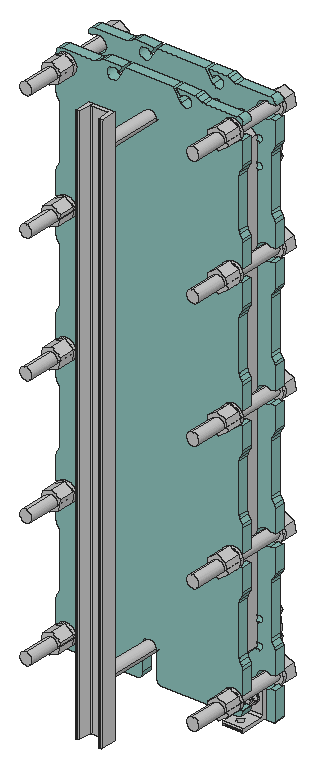
Revit family "MIT 535 - Heat Exchanger", category Specialty Equipment, Revit 2022
Family settings
  Round Connector Dimension = Use Diameter
  Part Type = Normal
  Work Plane-Based = No
  Always vertical = No
  Cut with Voids When Loaded = No
  Maintain Annotation Orientation = No
  Shared = No
  Room Calculation Point = No
Parameters (values of type "Flanged")
  URL = "https://en.ekinendustriyel.com/plate-heat-exchanger"
  Type Comments = ""
  Thickness_of_Plate [instance] = 0.50 mm  # constant formula
  Number_of_Plate [instance] = 20
  Model = if(Hygienic, if(Design Pressure < 11.0 bar, "H12340000F100L", if(Design Pressure < 16.0 bar, " H12340000F100M", " H12340000F100H")), if(Design Pressure < 10.0 bar, "E12340000F100L", if(Design Pressure < 16.0 bar, " E12340000F100M", " E12340000F100H")))  # "H12340000F100L"
  Material = Galvanized Steel- S235JR
  Manufacturer = "Ekin Endüstriyel"
  Lk [instance] = (Number_of_Plate) * ((Thickness_of_Plate) + 3.25 mm)  # 75.00 mm
  Lh [instance] = 1400.00 mm  # constant formula
  Lf [instance] = 1345.00 mm  # constant formula
  Lc [instance] = if(Number_of_Plate < 21, 250.00 mm, if(Number_of_Plate < 36, 500.00 mm, if(Number_of_Plate < 71, 750.00 mm, if(Number_of_Plate < 101, 1000.00 mm, if(Number_of_Plate < 151, 1250.00 mm, if(Number_of_Plate < 201, 1500.00 mm, if(Number_of_Plate < 251, 1750.00 mm, 2000.00 mm)))))))  # 250.00 mm
  La [instance] = 465.00 mm  # constant formula
  Keynote = ""
  Industrial [instance] = not(Hygienic)  # no
  Hygienic = yes
  Head & Follower Plate [instance] = if(Design Pressure < 11.0 bar, 25.00 mm, if(Design Pressure < 17.0 bar, 40.00 mm, 50.00 mm))  # 25.00 mm
  Follower Plate [instance] = -(Head & Follower Plate)  # -25.00 mm
  Design Pressure = 7 bar
  Description = if(Design Pressure < 11.0 bar, "MIT - Heat Exchanger - 10 bar", if(Design Pressure < 16.0 bar, " MIT - Heat Exchanger - 16 bar", " MIT - Heat Exchanger - 25 bar"))  # "MIT - Heat Exchanger - 10 bar"
  Default Elevation = 0.00 mm
Reference planes
  plane 1 "Center (Front/Back)": y = 0
  plane 2: z = 0
  plane 3 "Center (Left/Right)": x = 0
  plane 4: x = 1160
  plane 5: x = -1000
  plane 6 "2": y = -100
  plane 7 "1": y = -25
  plane 8 "3": y = -275
  plane 9 "Bolt End": y = 18.7
  plane 10: y = -250
  plane 11 "12": z = 1258
Forms (mm)
  Extrusion 1, solid, material "Galvanized Steel", detail levels fine
    sketch origin (4.063, 0, 0) x (1, 0, 0) y (0, 0, 1)
      loop
        circle (114.937, 1258) r 40
      loop
        circle (114.937, 188) r 40
      loop
        line (-95.905, 55) -> (87.779, 55)
        arc (87.779, 55) -> (94.518, 53.83) -> (100.469, 50.459) r 20
        line (100.469, 50.459) -> (121.127, 33.501)
        arc (121.127, 33.501) -> (126.517, 26.592) -> (128.437, 18.042) r 20
        line (128.437, 18.042) -> (128.437, 3)
        arc (128.437, 3) -> (129.316, 0.879) -> (131.437, 0) r 3
        line (131.437, 0) -> (175.937, 0) -> (175.937, 33.263)
        arc (175.937, 33.263) -> (178.437, 57) -> (180.937, 33.263) r 12
        line (180.937, 33.263) -> (180.937, 0) -> (225.437, 0)
        arc (225.437, 0) -> (227.558, 0.879) -> (228.437, 3) r 3
        line (228.437, 3) -> (228.437, 71.75) -> (216.739, 71.75)
        arc (216.739, 71.75) -> (182.437, 88) -> (216.739, 104.25) r 21
        line (216.739, 104.25) -> (228.437, 104.25) -> (228.437, 160.231)
        arc (228.437, 160.231) -> (227.926, 164.113) -> (226.427, 167.731) r 15
        line (226.427, 167.731) -> (220.447, 178.09)
        arc (220.447, 178.09) -> (218.948, 181.708) -> (218.437, 185.59) r 15
        line (218.437, 185.59) -> (218.437, 307.91)
        arc (218.437, 307.91) -> (218.948, 311.793) -> (220.447, 315.41) r 15
        line (220.447, 315.41) -> (226.427, 325.769)
        arc (226.427, 325.769) -> (227.926, 329.387) -> (228.437, 333.269) r 15
        line (228.437, 333.269) -> (228.437, 389.25) -> (216.739, 389.25)
        arc (216.739, 389.25) -> (182.437, 405.5) -> (216.739, 421.75) r 21
        line (216.739, 421.75) -> (228.437, 421.75) -> (228.437, 477.731)
        arc (228.437, 477.731) -> (227.926, 481.613) -> (226.427, 485.231) r 15
        line (226.427, 485.231) -> (220.447, 495.59)
        arc (220.447, 495.59) -> (218.948, 499.207) -> (218.437, 503.09) r 15
        line (218.437, 503.09) -> (218.437, 625.41)
        arc (218.437, 625.41) -> (218.948, 629.293) -> (220.447, 632.91) r 15
        line (220.447, 632.91) -> (226.427, 643.269)
        arc (226.427, 643.269) -> (227.926, 646.887) -> (228.437, 650.769) r 15
        line (228.437, 650.769) -> (228.437, 706.75) -> (216.739, 706.75)
        arc (216.739, 706.75) -> (182.437, 723) -> (216.739, 739.25) r 21
        line (216.739, 739.25) -> (228.437, 739.25) -> (228.437, 795.231)
        arc (228.437, 795.231) -> (227.926, 799.113) -> (226.427, 802.731) r 15
        line (226.427, 802.731) -> (220.447, 813.09)
        arc (220.447, 813.09) -> (218.948, 816.707) -> (218.437, 820.59) r 15
        line (218.437, 820.59) -> (218.437, 942.91)
        arc (218.437, 942.91) -> (218.948, 946.793) -> (220.447, 950.41) r 15
        line (220.447, 950.41) -> (226.427, 960.769)
        arc (226.427, 960.769) -> (227.926, 964.387) -> (228.437, 968.269) r 15
        line (228.437, 968.269) -> (228.437, 1024.25) -> (216.739, 1024.25)
        arc (216.739, 1024.25) -> (182.437, 1040.5) -> (216.739, 1056.75) r 21
        line (216.739, 1056.75) -> (228.437, 1056.75) -> (228.437, 1112.731)
        arc (228.437, 1112.731) -> (227.926, 1116.613) -> (226.427, 1120.231) r 15
        line (226.427, 1120.231) -> (220.447, 1130.59)
        arc (220.447, 1130.59) -> (218.948, 1134.207) -> (218.437, 1138.09) r 15
        line (218.437, 1138.09) -> (218.437, 1260.41)
        arc (218.437, 1260.41) -> (218.948, 1264.293) -> (220.447, 1267.91) r 15
        line (220.447, 1267.91) -> (226.427, 1278.269)
        arc (226.427, 1278.269) -> (227.926, 1281.887) -> (228.437, 1285.769) r 15
        line (228.437, 1285.769) -> (228.437, 1341.75) -> (216.739, 1341.75)
        arc (216.739, 1341.75) -> (182.437, 1358) -> (216.739, 1374.25) r 21
        line (216.739, 1374.25) -> (228.418, 1374.25)
        arc (228.418, 1374.25) -> (224.306, 1385.338) -> (213.437, 1390) r 15
        line (213.437, 1390) -> (133.527, 1390)
        arc (133.527, 1390) -> (129.644, 1390.511) -> (126.027, 1392.01) r 15
        line (126.027, 1392.01) -> (115.668, 1397.99)
        arc (115.668, 1397.99) -> (112.05, 1399.489) -> (108.168, 1400) r 15
        line (108.168, 1400) -> (62.554, 1400) -> (72.143, 1383.392)
        arc (72.143, 1383.392) -> (100.91, 1378.399) -> (72.947, 1370) r 15
        line (72.947, 1370) -> (55.626, 1400) -> (-63.752, 1400) -> (-81.073, 1370)
        arc (-81.073, 1370) -> (-109.036, 1378.399) -> (-80.269, 1383.392) r 15
        line (-80.269, 1383.392) -> (-70.68, 1400) -> (-116.294, 1400)
        arc (-116.294, 1400) -> (-120.176, 1399.489) -> (-123.794, 1397.99) r 15
        line (-123.794, 1397.99) -> (-134.153, 1392.01)
        arc (-134.153, 1392.01) -> (-137.77, 1390.511) -> (-141.653, 1390) r 15
        line (-141.653, 1390) -> (-221.563, 1390)
        arc (-221.563, 1390) -> (-232.432, 1385.338) -> (-236.544, 1374.25) r 15
        line (-236.544, 1374.25) -> (-224.865, 1374.25)
        arc (-224.865, 1374.25) -> (-190.563, 1358) -> (-224.865, 1341.75) r 21
        line (-224.865, 1341.75) -> (-236.563, 1341.75) -> (-236.563, 1285.769)
        arc (-236.563, 1285.769) -> (-236.052, 1281.887) -> (-234.553, 1278.269) r 15
        line (-234.553, 1278.269) -> (-228.573, 1267.91)
        arc (-228.573, 1267.91) -> (-227.074, 1264.293) -> (-226.563, 1260.41) r 15
        line (-226.563, 1260.41) -> (-226.563, 1138.09)
        arc (-226.563, 1138.09) -> (-227.074, 1134.207) -> (-228.573, 1130.59) r 15
        line (-228.573, 1130.59) -> (-234.553, 1120.231)
        arc (-234.553, 1120.231) -> (-236.052, 1116.613) -> (-236.563, 1112.731) r 15
        line (-236.563, 1112.731) -> (-236.563, 1056.75) -> (-224.865, 1056.75)
        arc (-224.865, 1056.75) -> (-190.563, 1040.5) -> (-224.865, 1024.25) r 21
        line (-224.865, 1024.25) -> (-236.563, 1024.25) -> (-236.563, 968.269)
        arc (-236.563, 968.269) -> (-236.052, 964.387) -> (-234.553, 960.769) r 15
        line (-234.553, 960.769) -> (-228.573, 950.41)
        arc (-228.573, 950.41) -> (-227.074, 946.793) -> (-226.563, 942.91) r 15
        line (-226.563, 942.91) -> (-226.563, 820.59)
        arc (-226.563, 820.59) -> (-227.074, 816.707) -> (-228.573, 813.09) r 15
        line (-228.573, 813.09) -> (-234.553, 802.731)
        arc (-234.553, 802.731) -> (-236.052, 799.113) -> (-236.563, 795.231) r 15
        line (-236.563, 795.231) -> (-236.563, 739.25) -> (-224.865, 739.25)
        arc (-224.865, 739.25) -> (-190.563, 723) -> (-224.865, 706.75) r 21
        line (-224.865, 706.75) -> (-236.563, 706.75) -> (-236.563, 650.769)
        arc (-236.563, 650.769) -> (-236.052, 646.887) -> (-234.553, 643.269) r 15
        line (-234.553, 643.269) -> (-228.573, 632.91)
        arc (-228.573, 632.91) -> (-227.074, 629.293) -> (-226.563, 625.41) r 15
        line (-226.563, 625.41) -> (-226.563, 503.09)
        arc (-226.563, 503.09) -> (-227.074, 499.207) -> (-228.573, 495.59) r 15
        line (-228.573, 495.59) -> (-234.553, 485.231)
        arc (-234.553, 485.231) -> (-236.052, 481.613) -> (-236.563, 477.731) r 15
        line (-236.563, 477.731) -> (-236.563, 421.75) -> (-224.865, 421.75)
        arc (-224.865, 421.75) -> (-190.563, 405.5) -> (-224.865, 389.25) r 21
        line (-224.865, 389.25) -> (-236.563, 389.25) -> (-236.563, 333.269)
        arc (-236.563, 333.269) -> (-236.052, 329.387) -> (-234.553, 325.769) r 15
        line (-234.553, 325.769) -> (-228.573, 315.41)
        arc (-228.573, 315.41) -> (-227.074, 311.793) -> (-226.563, 307.91) r 15
        line (-226.563, 307.91) -> (-226.563, 185.59)
        arc (-226.563, 185.59) -> (-227.074, 181.708) -> (-228.573, 178.09) r 15
        line (-228.573, 178.09) -> (-234.553, 167.731)
        arc (-234.553, 167.731) -> (-236.052, 164.113) -> (-236.563, 160.231) r 15
        line (-236.563, 160.231) -> (-236.563, 104.25) -> (-224.865, 104.25)
        arc (-224.865, 104.25) -> (-190.563, 88) -> (-224.865, 71.75) r 21
        line (-224.865, 71.75) -> (-236.563, 71.75) -> (-236.563, 3)
        arc (-236.563, 3) -> (-235.684, 0.879) -> (-233.563, 0) r 3
        line (-233.563, 0) -> (-189.063, 0) -> (-189.063, 33.263)
        arc (-189.063, 33.263) -> (-186.563, 57) -> (-184.063, 33.263) r 12
        line (-184.063, 33.263) -> (-184.063, 0) -> (-139.563, 0)
        arc (-139.563, 0) -> (-137.442, 0.879) -> (-136.563, 3) r 3
        line (-136.563, 3) -> (-136.563, 18.042)
        arc (-136.563, 18.042) -> (-134.643, 26.592) -> (-129.253, 33.501) r 20
        line (-129.253, 33.501) -> (-108.595, 50.459)
        arc (-108.595, 50.459) -> (-102.644, 53.83) -> (-95.905, 55) r 20
      loop
        circle (-4.063, 1314) r 6.25
      loop
        circle (-4.063, 132) r 6.25
      loop
        circle (145.552, 261.91) r 9
      loop
        circle (188.847, 218.615) r 9
      loop
        circle (188.847, 157.385) r 9
      loop
        circle (145.552, 114.09) r 9
      loop
        circle (84.322, 261.91) r 9
      loop
        circle (41.027, 218.615) r 9
      loop
        circle (41.027, 157.385) r 9
      loop
        circle (84.322, 114.09) r 9
      loop
        circle (145.552, 1331.91) r 9
      loop
        circle (188.847, 1288.615) r 9
      loop
        circle (188.847, 1227.385) r 9
      loop
        circle (145.552, 1184.09) r 9
      loop
        circle (84.322, 1331.91) r 9
      loop
        circle (41.027, 1288.615) r 9
      loop
        circle (41.027, 1227.385) r 9
      loop
        circle (84.322, 1184.09) r 9
      loop
        circle (-123.063, 1258) r 40
      loop
        circle (-123.063, 188) r 40
      loop
        circle (-153.678, 261.91) r 9
      loop
        circle (-196.973, 218.615) r 9
      loop
        circle (-196.973, 157.385) r 9
      loop
        circle (-153.678, 114.09) r 9
      loop
        circle (-92.448, 261.91) r 9
      loop
        circle (-49.153, 218.615) r 9
      loop
        circle (-49.153, 157.385) r 9
      loop
        circle (-92.448, 114.09) r 9
      loop
        circle (-153.678, 1331.91) r 9
      loop
        circle (-196.973, 1288.615) r 9
      loop
        circle (-196.973, 1227.385) r 9
      loop
        circle (-153.678, 1184.09) r 9
      loop
        circle (-92.448, 1331.91) r 9
      loop
        circle (-49.153, 1288.615) r 9
      loop
        circle (-49.153, 1227.385) r 9
      loop
        circle (-92.448, 1184.09) r 9
    from 0 to 25
  Extrusion 2, solid, material "Galvanized Steel", detail levels fine
    sketch origin (4.063, -100, 0) x (-1, 0, 0) y (0, 0, 1)
      loop
        arc (221.563, 55) -> (232.17, 59.394) -> (236.563, 70) r 15
        line (236.563, 70) -> (236.563, 71.75) -> (224.865, 71.75)
        arc (224.865, 71.75) -> (190.563, 88) -> (224.865, 104.25) r 21
        line (224.865, 104.25) -> (236.563, 104.25) -> (236.563, 160.231)
        arc (236.563, 160.231) -> (236.052, 164.113) -> (234.553, 167.731) r 15
        line (234.553, 167.731) -> (228.573, 178.09)
        arc (228.573, 178.09) -> (227.074, 181.708) -> (226.563, 185.59) r 15
        line (226.563, 185.59) -> (226.563, 307.91)
        arc (226.563, 307.91) -> (227.074, 311.793) -> (228.573, 315.41) r 15
        line (228.573, 315.41) -> (234.553, 325.769)
        arc (234.553, 325.769) -> (236.052, 329.387) -> (236.563, 333.269) r 15
        line (236.563, 333.269) -> (236.563, 389.25) -> (224.865, 389.25)
        arc (224.865, 389.25) -> (190.563, 405.5) -> (224.865, 421.75) r 21
        line (224.865, 421.75) -> (236.563, 421.75) -> (236.563, 477.731)
        arc (236.563, 477.731) -> (236.052, 481.613) -> (234.553, 485.231) r 15
        line (234.553, 485.231) -> (228.573, 495.59)
        arc (228.573, 495.59) -> (227.074, 499.207) -> (226.563, 503.09) r 15
        line (226.563, 503.09) -> (226.563, 625.41)
        arc (226.563, 625.41) -> (227.074, 629.293) -> (228.573, 632.91) r 15
        line (228.573, 632.91) -> (234.553, 643.269)
        arc (234.553, 643.269) -> (236.052, 646.887) -> (236.563, 650.769) r 15
        line (236.563, 650.769) -> (236.563, 706.75) -> (224.865, 706.75)
        arc (224.865, 706.75) -> (190.563, 723) -> (224.865, 739.25) r 21
        line (224.865, 739.25) -> (236.563, 739.25) -> (236.563, 795.231)
        arc (236.563, 795.231) -> (236.052, 799.113) -> (234.553, 802.731) r 15
        line (234.553, 802.731) -> (228.573, 813.09)
        arc (228.573, 813.09) -> (227.074, 816.707) -> (226.563, 820.59) r 15
        line (226.563, 820.59) -> (226.563, 942.91)
        arc (226.563, 942.91) -> (227.074, 946.793) -> (228.573, 950.41) r 15
        line (228.573, 950.41) -> (234.553, 960.769)
        arc (234.553, 960.769) -> (236.052, 964.387) -> (236.563, 968.269) r 15
        line (236.563, 968.269) -> (236.563, 1024.25) -> (224.865, 1024.25)
        arc (224.865, 1024.25) -> (190.563, 1040.5) -> (224.865, 1056.75) r 21
        line (224.865, 1056.75) -> (236.563, 1056.75) -> (236.563, 1112.731)
        arc (236.563, 1112.731) -> (236.052, 1116.613) -> (234.553, 1120.231) r 15
        line (234.553, 1120.231) -> (228.573, 1130.59)
        arc (228.573, 1130.59) -> (227.074, 1134.207) -> (226.563, 1138.09) r 15
        line (226.563, 1138.09) -> (226.563, 1260.41)
        arc (226.563, 1260.41) -> (227.074, 1264.293) -> (228.573, 1267.91) r 15
        line (228.573, 1267.91) -> (234.553, 1278.269)
        arc (234.553, 1278.269) -> (236.052, 1281.887) -> (236.563, 1285.769) r 15
        line (236.563, 1285.769) -> (236.563, 1341.75) -> (224.865, 1341.75)
        arc (224.865, 1341.75) -> (190.563, 1358) -> (224.865, 1374.25) r 21
        line (224.865, 1374.25) -> (236.544, 1374.25)
        arc (236.544, 1374.25) -> (232.432, 1385.338) -> (221.563, 1390) r 15
        line (221.563, 1390) -> (141.653, 1390)
        arc (141.653, 1390) -> (137.77, 1390.511) -> (134.153, 1392.01) r 15
        line (134.153, 1392.01) -> (123.794, 1397.99)
        arc (123.794, 1397.99) -> (120.176, 1399.489) -> (116.294, 1400) r 15
        line (116.294, 1400) -> (70.68, 1400) -> (80.269, 1383.392)
        arc (80.269, 1383.392) -> (109.036, 1378.399) -> (81.073, 1370) r 15
        line (81.073, 1370) -> (63.752, 1400) -> (-55.626, 1400) -> (-72.947, 1370)
        arc (-72.947, 1370) -> (-100.91, 1378.399) -> (-72.143, 1383.392) r 15
        line (-72.143, 1383.392) -> (-62.554, 1400) -> (-108.168, 1400)
        arc (-108.168, 1400) -> (-112.05, 1399.489) -> (-115.668, 1397.99) r 15
        line (-115.668, 1397.99) -> (-126.027, 1392.01)
        arc (-126.027, 1392.01) -> (-129.644, 1390.511) -> (-133.527, 1390) r 15
        line (-133.527, 1390) -> (-213.437, 1390)
        arc (-213.437, 1390) -> (-224.306, 1385.338) -> (-228.418, 1374.25) r 15
        line (-228.418, 1374.25) -> (-216.739, 1374.25)
        arc (-216.739, 1374.25) -> (-182.437, 1358) -> (-216.739, 1341.75) r 21
        line (-216.739, 1341.75) -> (-228.437, 1341.75) -> (-228.437, 1285.769)
        arc (-228.437, 1285.769) -> (-227.926, 1281.887) -> (-226.427, 1278.269) r 15
        line (-226.427, 1278.269) -> (-220.447, 1267.91)
        arc (-220.447, 1267.91) -> (-218.948, 1264.293) -> (-218.437, 1260.41) r 15
        line (-218.437, 1260.41) -> (-218.437, 1138.09)
        arc (-218.437, 1138.09) -> (-218.948, 1134.207) -> (-220.447, 1130.59) r 15
        line (-220.447, 1130.59) -> (-226.427, 1120.231)
        arc (-226.427, 1120.231) -> (-227.926, 1116.613) -> (-228.437, 1112.731) r 15
        line (-228.437, 1112.731) -> (-228.437, 1056.75) -> (-216.739, 1056.75)
        arc (-216.739, 1056.75) -> (-182.437, 1040.5) -> (-216.739, 1024.25) r 21
        line (-216.739, 1024.25) -> (-228.437, 1024.25) -> (-228.437, 968.269)
        arc (-228.437, 968.269) -> (-227.926, 964.387) -> (-226.427, 960.769) r 15
        line (-226.427, 960.769) -> (-220.447, 950.41)
        arc (-220.447, 950.41) -> (-218.948, 946.793) -> (-218.437, 942.91) r 15
        line (-218.437, 942.91) -> (-218.437, 820.59)
        arc (-218.437, 820.59) -> (-218.948, 816.707) -> (-220.447, 813.09) r 15
        line (-220.447, 813.09) -> (-226.427, 802.731)
        arc (-226.427, 802.731) -> (-227.926, 799.113) -> (-228.437, 795.231) r 15
        line (-228.437, 795.231) -> (-228.437, 739.25) -> (-216.739, 739.25)
        arc (-216.739, 739.25) -> (-182.437, 723) -> (-216.739, 706.75) r 21
        line (-216.739, 706.75) -> (-228.437, 706.75) -> (-228.437, 650.769)
        arc (-228.437, 650.769) -> (-227.926, 646.887) -> (-226.427, 643.269) r 15
        line (-226.427, 643.269) -> (-220.447, 632.91)
        arc (-220.447, 632.91) -> (-218.948, 629.293) -> (-218.437, 625.41) r 15
        line (-218.437, 625.41) -> (-218.437, 503.09)
        arc (-218.437, 503.09) -> (-218.948, 499.207) -> (-220.447, 495.59) r 15
        line (-220.447, 495.59) -> (-226.427, 485.231)
        arc (-226.427, 485.231) -> (-227.926, 481.613) -> (-228.437, 477.731) r 15
        line (-228.437, 477.731) -> (-228.437, 421.75) -> (-216.739, 421.75)
        arc (-216.739, 421.75) -> (-182.437, 405.5) -> (-216.739, 389.25) r 21
        line (-216.739, 389.25) -> (-228.437, 389.25) -> (-228.437, 333.269)
        arc (-228.437, 333.269) -> (-227.926, 329.387) -> (-226.427, 325.769) r 15
        line (-226.427, 325.769) -> (-220.447, 315.41)
        arc (-220.447, 315.41) -> (-218.948, 311.793) -> (-218.437, 307.91) r 15
        line (-218.437, 307.91) -> (-218.437, 185.59)
        arc (-218.437, 185.59) -> (-218.948, 181.708) -> (-220.447, 178.09) r 15
        line (-220.447, 178.09) -> (-226.427, 167.731)
        arc (-226.427, 167.731) -> (-227.926, 164.113) -> (-228.437, 160.231) r 15
        line (-228.437, 160.231) -> (-228.437, 104.25) -> (-216.739, 104.25)
        arc (-216.739, 104.25) -> (-182.437, 88) -> (-216.739, 71.75) r 21
        line (-216.739, 71.75) -> (-228.437, 71.75) -> (-228.437, 70)
        arc (-228.437, 70) -> (-224.044, 59.393) -> (-213.437, 55) r 15
        line (-213.437, 55) -> (-27.52, 55)
        arc (-27.52, 55) -> (-16.913, 59.393) -> (-12.52, 70) r 15
        line (-12.52, 70) -> (-12.52, 133.013)
        arc (-12.52, 133.013) -> (4.024, 149.557) -> (20.568, 133.013) r 16.544
        line (20.568, 133.013) -> (20.568, 70)
        arc (20.568, 70) -> (24.961, 59.393) -> (35.568, 55) r 15
        line (35.568, 55) -> (221.563, 55)
      loop
        circle (4.063, 1314) r 15
    from 0 to -25 <- "Follower Plate"
  Extrusion 3, solid, material "AISI 316L/Titanium/Hastelloy", detail levels fine
    sketch origin (0, -25, 0) x (-1, 0, 0) y (0, 0, 1)
      loop
        line (-27, 1323) -> (-155, 1323) -> (-185, 1293) -> (-185, 153) -> (-155, 123) -> (-27, 123)
        arc (-27, 123) -> (-26.121, 125.121) -> (-24, 126) r 3
        line (-24, 126) -> (-17, 126)
        arc (-17, 126) -> (-15.308, 126.933) -> (-15.195, 128.861) r 2
        line (-15.195, 128.861) -> (-20.913, 140.847)
        arc (-20.913, 140.847) -> (-20.629, 145.668) -> (-16.4, 148) r 5
        line (-16.4, 148) -> (16.4, 148)
        arc (16.4, 148) -> (20.629, 145.668) -> (20.913, 140.847) r 5
        line (20.913, 140.847) -> (15.195, 128.861)
        arc (15.195, 128.861) -> (15.309, 126.933) -> (17, 126) r 2
        line (17, 126) -> (24, 126)
        arc (24, 126) -> (26.121, 125.121) -> (27, 123) r 3
        line (27, 123) -> (155, 123) -> (185, 153) -> (185, 1293) -> (155, 1323) -> (27, 1323)
        arc (27, 1323) -> (26.121, 1320.879) -> (24, 1320) r 3
        line (24, 1320) -> (17, 1320)
        arc (17, 1320) -> (15.309, 1319.067) -> (15.195, 1317.139) r 2
        line (15.195, 1317.139) -> (20.913, 1305.153)
        arc (20.913, 1305.153) -> (20.629, 1300.332) -> (16.4, 1298) r 5
        line (16.4, 1298) -> (-16.4, 1298)
        arc (-16.4, 1298) -> (-20.629, 1300.332) -> (-20.913, 1305.153) r 5
        line (-20.913, 1305.153) -> (-15.195, 1317.139)
        arc (-15.195, 1317.139) -> (-15.308, 1319.067) -> (-17, 1320) r 2
        line (-17, 1320) -> (-24, 1320)
        arc (-24, 1320) -> (-26.121, 1320.879) -> (-27, 1323) r 3
      loop
        circle (-119, 1258) r 44
      loop
        circle (119, 1258) r 44
      loop
        circle (119, 188) r 44
      loop
        circle (-119, 188) r 44
    from 0 to -75
  Extrusion 4, solid, material "Galvanized Steel- S235JR"
    sketch origin (0, 0, 0) x (1, 0, 0) y (0, 0, 1)
      loop
        circle (0, 132) r 15
      loop
        circle (0, 1314) r 15
    from 25 to 275
  Extrusion 5, solid, material "Galvanized Steel- S235JR"
    sketch origin (0, 0, 0) x (1, 0, 0) y (0, 0, 1)
      loop
        circle (207.5, 1358) r 15
      loop
        circle (207.5, 1040.5) r 15
      loop
        circle (207.5, 723) r 15
      loop
        circle (207.5, 405.5) r 15
      loop
        circle (207.5, 88) r 15
      loop
        circle (-207.5, 1358) r 15
      loop
        circle (-207.5, 1040.5) r 15
      loop
        circle (-207.5, 723) r 15
      loop
        circle (-207.5, 405.5) r 15
      loop
        circle (-207.5, 88) r 15
    from 0 to 250
  Extrusion 6, solid, material "Galvanized Steel- S235JR", detail levels fine
    sketch origin (0, 0, 0) x (1, 0, 0) y (0, 0, 1)
      loop
        line (190.506, 57.01) -> (176.102, 57.938) -> (168.097, 45.929) -> (174.495, 32.99) -> (188.898, 32.062) -> (196.904, 44.072) -> (190.506, 57.01)
      loop
        line (-190.506, 57.01) -> (-196.904, 44.072) -> (-188.898, 32.062) -> (-174.495, 32.99) -> (-168.097, 45.929) -> (-176.102, 57.938) -> (-190.506, 57.01)
    from 0 to -13
  Extrusion 7, solid, material "Galvanized Steel- S235JR", detail levels fine
    sketch origin (-163.34, -25, 33.739) x (1, 0, 0) y (0, 0, 1)
      loop
        circle (345.864, 11.259) r 15
      loop
        circle (-19.184, 11.259) r 15
    from 7.5 to 10.5
  Extrusion 8, solid, material "Galvanized Steel- S235JR", detail levels fine
    sketch origin (0, 0, 0) x (1, 0, 0) y (0, 0, 1)
      loop
        circle (-182.5, 45) r 8
      loop
        circle (182.5, 45) r 8
    from 49.8 to -29.5
  Extrusion 9, solid, material "Galvanized Steel- S235JR", detail levels fine
    sketch origin (-219.463, -25, 18.644) x (1, 0, 0) y (0, 0, 1)
      loop
        line (409.969, 38.367) -> (395.565, 39.295) -> (387.559, 27.284) -> (393.958, 14.346) -> (408.362, 13.418) -> (416.367, 25.429) -> (409.969, 38.367)
    from 20.5 to 10.5
  Extrusion 10, solid, material "Galvanized Steel- S235JR", detail levels fine
    sketch origin (0, 0, 0) x (1, 0, 0) y (0, 0, 1)
      loop
        circle (149.615, 261.91) r 15
      loop
        circle (192.91, 218.615) r 15
      loop
        circle (192.91, 157.385) r 15
      loop
        circle (149.615, 114.09) r 15
      loop
        circle (88.385, 261.91) r 15
      loop
        circle (45.09, 218.615) r 15
      loop
        circle (45.09, 157.385) r 15
      loop
        circle (88.385, 114.09) r 15
      loop
        circle (-149.616, 261.91) r 15
      loop
        circle (-192.912, 218.615) r 15
      loop
        circle (-192.912, 157.385) r 15
      loop
        circle (-149.616, 114.09) r 15
      loop
        circle (-88.387, 261.91) r 15
      loop
        circle (-45.091, 218.615) r 15
      loop
        circle (-45.091, 157.385) r 15
      loop
        circle (-88.387, 114.09) r 15
      loop
        circle (149.615, 1331.91) r 15
      loop
        circle (192.91, 1288.615) r 15
      loop
        circle (192.91, 1227.385) r 15
      loop
        circle (149.615, 1184.09) r 15
      loop
        circle (88.385, 1331.91) r 15
      loop
        circle (45.09, 1288.615) r 15
      loop
        circle (45.09, 1227.385) r 15
      loop
        circle (88.385, 1184.09) r 15
      loop
        circle (-149.616, 1331.91) r 15
      loop
        circle (-192.912, 1288.615) r 15
      loop
        circle (-192.912, 1227.385) r 15
      loop
        circle (-149.616, 1184.09) r 15
      loop
        circle (-88.387, 1331.91) r 15
      loop
        circle (-45.091, 1288.615) r 15
      loop
        circle (-45.091, 1227.385) r 15
      loop
        circle (-88.387, 1184.09) r 15
    from -20 to -17
  Extrusion 11, solid, material "Galvanized Steel- S235JR", detail levels fine
    sketch origin (0, 0, 0) x (1, 0, 0) y (0, 0, 1)
      loop
        line (135.673, 265.646) -> (139.408, 251.704) -> (153.35, 247.968) -> (163.557, 258.175) -> (159.821, 272.117) -> (145.879, 275.852) -> (135.673, 265.646)
      loop
        line (185.693, 206.115) -> (200.127, 206.115) -> (207.344, 218.615) -> (200.127, 231.115) -> (185.693, 231.115) -> (178.477, 218.615) -> (185.693, 206.115)
      loop
        line (182.704, 167.592) -> (178.968, 153.65) -> (189.175, 143.443) -> (203.117, 147.179) -> (206.852, 161.121) -> (196.646, 171.327) -> (182.704, 167.592)
      loop
        line (137.115, 121.307) -> (137.115, 106.873) -> (149.615, 99.656) -> (162.115, 106.873) -> (162.115, 121.307) -> (149.615, 128.523) -> (137.115, 121.307)
      loop
        line (102.327, 265.646) -> (92.121, 275.852) -> (78.179, 272.117) -> (74.443, 258.175) -> (84.65, 247.968) -> (98.591, 251.704) -> (102.327, 265.646)
      loop
        line (52.306, 206.115) -> (59.523, 218.615) -> (52.306, 231.115) -> (37.873, 231.115) -> (30.656, 218.615) -> (37.873, 206.115) -> (52.306, 206.115)
      loop
        line (55.296, 167.592) -> (41.354, 171.327) -> (31.148, 161.121) -> (34.883, 147.179) -> (48.825, 143.443) -> (59.032, 153.65) -> (55.296, 167.592)
      loop
        line (100.885, 121.307) -> (88.385, 128.523) -> (75.885, 121.307) -> (75.885, 106.873) -> (88.385, 99.656) -> (100.885, 106.873) -> (100.885, 121.307)
      loop
        line (-135.674, 265.646) -> (-145.881, 275.852) -> (-159.823, 272.117) -> (-163.558, 258.175) -> (-153.352, 247.968) -> (-139.41, 251.704) -> (-135.674, 265.646)
      loop
        line (-185.695, 206.115) -> (-178.478, 218.615) -> (-185.695, 231.115) -> (-200.129, 231.115) -> (-207.346, 218.615) -> (-200.129, 206.115) -> (-185.695, 206.115)
      loop
        line (-182.706, 167.592) -> (-196.648, 171.327) -> (-206.854, 161.121) -> (-203.118, 147.179) -> (-189.176, 143.443) -> (-178.97, 153.65) -> (-182.706, 167.592)
      loop
        line (-137.116, 121.307) -> (-149.616, 128.523) -> (-162.116, 121.307) -> (-162.116, 106.873) -> (-149.616, 99.656) -> (-137.116, 106.873) -> (-137.116, 121.307)
      loop
        line (-102.329, 265.646) -> (-98.593, 251.704) -> (-84.651, 247.968) -> (-74.445, 258.175) -> (-78.181, 272.117) -> (-92.123, 275.852) -> (-102.329, 265.646)
      loop
        line (-52.308, 206.115) -> (-37.874, 206.115) -> (-30.658, 218.615) -> (-37.874, 231.115) -> (-52.308, 231.115) -> (-59.525, 218.615) -> (-52.308, 206.115)
      loop
        line (-55.297, 167.592) -> (-59.033, 153.65) -> (-48.827, 143.443) -> (-34.885, 147.179) -> (-31.149, 161.121) -> (-41.356, 171.327) -> (-55.297, 167.592)
      loop
        line (-100.887, 121.307) -> (-100.887, 106.873) -> (-88.387, 99.656) -> (-75.887, 106.873) -> (-75.887, 121.307) -> (-88.387, 128.523) -> (-100.887, 121.307)
      loop
        line (135.673, 1335.646) -> (139.408, 1321.704) -> (153.35, 1317.968) -> (163.557, 1328.175) -> (159.821, 1342.117) -> (145.879, 1345.852) -> (135.673, 1335.646)
      loop
        line (185.693, 1276.115) -> (200.127, 1276.115) -> (207.344, 1288.615) -> (200.127, 1301.115) -> (185.693, 1301.115) -> (178.477, 1288.615) -> (185.693, 1276.115)
      loop
        line (182.704, 1237.592) -> (178.968, 1223.65) -> (189.175, 1213.443) -> (203.117, 1217.179) -> (206.852, 1231.121) -> (196.646, 1241.327) -> (182.704, 1237.592)
      loop
        line (137.115, 1191.307) -> (137.115, 1176.873) -> (149.615, 1169.656) -> (162.115, 1176.873) -> (162.115, 1191.307) -> (149.615, 1198.523) -> (137.115, 1191.307)
      loop
        line (102.327, 1335.646) -> (92.121, 1345.852) -> (78.179, 1342.117) -> (74.443, 1328.175) -> (84.65, 1317.968) -> (98.591, 1321.704) -> (102.327, 1335.646)
      loop
        line (52.306, 1276.115) -> (59.523, 1288.615) -> (52.306, 1301.115) -> (37.873, 1301.115) -> (30.656, 1288.615) -> (37.873, 1276.115) -> (52.306, 1276.115)
      loop
        line (55.296, 1237.592) -> (41.354, 1241.327) -> (31.148, 1231.121) -> (34.883, 1217.179) -> (48.825, 1213.443) -> (59.032, 1223.65) -> (55.296, 1237.592)
      loop
        line (100.885, 1191.307) -> (88.385, 1198.523) -> (75.885, 1191.307) -> (75.885, 1176.873) -> (88.385, 1169.656) -> (100.885, 1176.873) -> (100.885, 1191.307)
      loop
        line (-135.674, 1335.646) -> (-145.881, 1345.852) -> (-159.823, 1342.117) -> (-163.558, 1328.175) -> (-153.352, 1317.968) -> (-139.41, 1321.704) -> (-135.674, 1335.646)
      loop
        line (-185.695, 1276.115) -> (-178.478, 1288.615) -> (-185.695, 1301.115) -> (-200.129, 1301.115) -> (-207.346, 1288.615) -> (-200.129, 1276.115) -> (-185.695, 1276.115)
      loop
        line (-182.706, 1237.592) -> (-196.648, 1241.327) -> (-206.854, 1231.121) -> (-203.118, 1217.179) -> (-189.176, 1213.443) -> (-178.97, 1223.65) -> (-182.706, 1237.592)
      loop
        line (-137.116, 1191.307) -> (-149.616, 1198.523) -> (-162.116, 1191.307) -> (-162.116, 1176.873) -> (-149.616, 1169.656) -> (-137.116, 1176.873) -> (-137.116, 1191.307)
      loop
        line (-102.329, 1335.646) -> (-98.593, 1321.704) -> (-84.651, 1317.968) -> (-74.445, 1328.175) -> (-78.181, 1342.117) -> (-92.123, 1345.852) -> (-102.329, 1335.646)
      loop
        line (-52.308, 1276.115) -> (-37.874, 1276.115) -> (-30.658, 1288.615) -> (-37.874, 1301.115) -> (-52.308, 1301.115) -> (-59.525, 1288.615) -> (-52.308, 1276.115)
      loop
        line (-55.297, 1237.592) -> (-59.033, 1223.65) -> (-48.827, 1213.443) -> (-34.885, 1217.179) -> (-31.149, 1231.121) -> (-41.356, 1241.327) -> (-55.297, 1237.592)
      loop
        line (-100.887, 1191.307) -> (-100.887, 1176.873) -> (-88.387, 1169.656) -> (-75.887, 1176.873) -> (-75.887, 1191.307) -> (-88.387, 1198.523) -> (-100.887, 1191.307)
    from -20 to -30
  Extrusion 12, solid, material "Galvanized Steel- S235JR", detail levels fine
    sketch origin (0, 0, 0) x (1, 0, 0) y (0, 0, 1)
      loop
        circle (0, 132) r 9
      loop
        circle (0, 1314) r 9
    from -2.5 to -14.559
  Extrusion 13, solid, material "Galvanized Steel- S235JR", detail levels medium+fine
    sketch origin (0, 0, 0) x (1, 0, 0) y (0, 1, 0)
      loop
        arc (-32.501, -312) -> (-31.622, -314.121) -> (-29.501, -315) r 3
        line (-29.501, -315) -> (-27.707, -315)
        arc (-27.707, -315) -> (-25.698, -314.228) -> (-24.723, -312.308) r 3
        line (-24.723, -312.308) -> (-21.769, -283.692)
        arc (-21.769, -283.692) -> (-20.795, -281.772) -> (-18.785, -281) r 3
        line (-18.785, -281) -> (18.785, -281)
        arc (18.785, -281) -> (20.768, -281.749) -> (21.761, -283.622) r 3
        line (21.761, -283.622) -> (24.721, -312.308)
        arc (24.721, -312.308) -> (25.696, -314.228) -> (27.706, -315) r 3
        line (27.706, -315) -> (29.499, -315)
        arc (29.499, -315) -> (31.62, -314.121) -> (32.499, -312) r 3
        line (32.499, -312) -> (32.499, -275) -> (-32.501, -275) -> (-32.501, -312)
    from 0 to 1400
  Extrusion 14, solid, material "Galvanized Steel- S235JR", detail levels medium+fine
    sketch origin (0, 0, 0) x (1, 0, 0) y (0, 0, 1)
      loop
        circle (207.5, 1358) r 25
      loop
        circle (207.5, 1040.5) r 25
      loop
        circle (207.5, 723) r 25
      loop
        circle (207.5, 405.5) r 25
      loop
        circle (207.5, 88) r 25
      loop
        circle (-207.5, 1358) r 25
      loop
        circle (-207.5, 1040.5) r 25
      loop
        circle (-207.5, 723) r 25
      loop
        circle (-207.5, 405.5) r 25
      loop
        circle (-207.5, 88) r 25
    from 0 to -7.5
  Extrusion 15, solid, material "Galvanized Steel- S235JR", detail levels fine
    sketch origin (4.063, -125, 0) x (1, 0, 0) y (0, 0, 1)
      loop
        line (224.437, 1373.783) -> (200.269, 1384.078) -> (179.269, 1368.295) -> (182.437, 1342.217) -> (206.605, 1331.922) -> (227.605, 1347.705) -> (224.437, 1373.783)
      loop
        line (224.437, 1056.283) -> (200.269, 1066.578) -> (179.269, 1050.795) -> (182.437, 1024.717) -> (206.605, 1014.422) -> (227.605, 1030.205) -> (224.437, 1056.283)
      loop
        line (224.437, 738.783) -> (200.269, 749.078) -> (179.269, 733.295) -> (182.437, 707.217) -> (206.605, 696.922) -> (227.605, 712.705) -> (224.437, 738.783)
      loop
        line (224.437, 421.283) -> (200.269, 431.578) -> (179.269, 415.795) -> (182.437, 389.717) -> (206.605, 379.422) -> (227.605, 395.205) -> (224.437, 421.283)
      loop
        line (224.437, 103.783) -> (200.269, 114.078) -> (179.269, 98.295) -> (182.437, 72.217) -> (206.605, 61.922) -> (227.605, 77.705) -> (224.437, 103.783)
      loop
        line (-232.563, 1373.783) -> (-235.731, 1347.705) -> (-214.731, 1331.922) -> (-190.563, 1342.217) -> (-187.395, 1368.295) -> (-208.395, 1384.078) -> (-232.563, 1373.783)
      loop
        line (-232.563, 1056.283) -> (-235.731, 1030.205) -> (-214.731, 1014.422) -> (-190.563, 1024.717) -> (-187.395, 1050.795) -> (-208.395, 1066.578) -> (-232.563, 1056.283)
      loop
        line (-232.563, 738.783) -> (-235.731, 712.705) -> (-214.731, 696.922) -> (-190.563, 707.217) -> (-187.395, 733.295) -> (-208.395, 749.078) -> (-232.563, 738.783)
      loop
        line (-232.563, 421.283) -> (-235.731, 395.205) -> (-214.731, 379.422) -> (-190.563, 389.717) -> (-187.395, 415.795) -> (-208.395, 431.578) -> (-232.563, 421.283)
      loop
        line (-232.563, 103.783) -> (-235.731, 77.705) -> (-214.731, 61.922) -> (-190.563, 72.217) -> (-187.395, 98.295) -> (-208.395, 114.078) -> (-232.563, 103.783)
    from 8 to 48.1
  Extrusion 16, solid, material "Galvanized Steel- S235JR", detail levels fine
    sketch origin (4.063, -125, 0) x (1, 0, 0) y (0, 0, 1)
      loop
        circle (203.437, 1358) r 25
      loop
        circle (203.437, 1040.5) r 25
      loop
        circle (203.437, 723) r 25
      loop
        circle (203.437, 405.5) r 25
      loop
        circle (203.437, 88) r 25
      loop
        circle (-211.563, 1358) r 25
      loop
        circle (-211.563, 1040.5) r 25
      loop
        circle (-211.563, 723) r 25
      loop
        circle (-211.563, 405.5) r 25
      loop
        circle (-211.563, 88) r 25
    from 8 to 0
  Extrusion 17, solid, material "Galvanized Steel- S235JR", detail levels medium+fine
    sketch origin (0, 0, 0) x (1, 0, 0) y (0, 0, 1)
      loop
        line (228.5, 1373.783) -> (204.332, 1384.078) -> (183.332, 1368.295) -> (186.5, 1342.217) -> (210.668, 1331.922) -> (231.668, 1347.705) -> (228.5, 1373.783)
      loop
        line (228.5, 1056.283) -> (204.332, 1066.578) -> (183.332, 1050.795) -> (186.5, 1024.717) -> (210.668, 1014.422) -> (231.668, 1030.205) -> (228.5, 1056.283)
      loop
        line (228.5, 738.783) -> (204.332, 749.078) -> (183.332, 733.295) -> (186.5, 707.217) -> (210.668, 696.922) -> (231.668, 712.705) -> (228.5, 738.783)
      loop
        line (228.5, 421.283) -> (204.332, 431.578) -> (183.332, 415.795) -> (186.5, 389.717) -> (210.668, 379.422) -> (231.668, 395.205) -> (228.5, 421.283)
      loop
        line (228.5, 103.783) -> (204.332, 114.078) -> (183.332, 98.295) -> (186.5, 72.217) -> (210.668, 61.922) -> (231.668, 77.705) -> (228.5, 103.783)
      loop
        line (-228.5, 1373.783) -> (-231.668, 1347.705) -> (-210.668, 1331.922) -> (-186.5, 1342.217) -> (-183.332, 1368.295) -> (-204.332, 1384.078) -> (-228.5, 1373.783)
      loop
        line (-228.5, 1056.283) -> (-231.668, 1030.205) -> (-210.668, 1014.422) -> (-186.5, 1024.717) -> (-183.332, 1050.795) -> (-204.332, 1066.578) -> (-228.5, 1056.283)
      loop
        line (-228.5, 738.783) -> (-231.668, 712.705) -> (-210.668, 696.922) -> (-186.5, 707.217) -> (-183.332, 733.295) -> (-204.332, 749.078) -> (-228.5, 738.783)
      loop
        line (-228.5, 421.283) -> (-231.668, 395.205) -> (-210.668, 379.422) -> (-186.5, 389.717) -> (-183.332, 415.795) -> (-204.332, 431.578) -> (-228.5, 421.283)
      loop
        line (-228.5, 103.783) -> (-231.668, 77.705) -> (-210.668, 61.922) -> (-186.5, 72.217) -> (-183.332, 98.295) -> (-204.332, 114.078) -> (-228.5, 103.783)
    from -8 to -38.6
  Extrusion 18, solid, material "AISI 316L/Titanium/Hastelloy", detail levels coarse
    sketch origin (0, 0, 1400) x (1, 0, 0) y (0, 1, 0)
      loop
        line (-32.501, -275) -> (-32.501, -315) -> (32.499, -315) -> (32.499, -275) -> (-32.501, -275)
    from 0 to -1400
  Extrusion 19, solid, material "Galvanized Steel- S235JR", detail levels fine
    sketch origin (0, 0, 0) x (1, 0, 0) y (0, 0, 1)
      loop
        circle (-119, 1258) r 95
      loop
        circle (-45.09, 1227.385) r 9
      loop
        circle (-88.385, 1184.09) r 9
      loop
        circle (-88.385, 1331.91) r 9
      loop
        circle (-45.09, 1288.615) r 9
      loop
        circle (-119, 1258) r 45.25
      loop
        circle (119, 1258) r 95
      loop
        circle (45.09, 1227.385) r 9
      loop
        circle (88.385, 1184.09) r 9
      loop
        circle (88.385, 1331.91) r 9
      loop
        circle (45.09, 1288.615) r 9
      loop
        circle (119, 1258) r 45.25
      loop
        circle (-119, 188) r 95
      loop
        circle (-45.09, 157.385) r 9
      loop
        circle (-88.385, 114.09) r 9
      loop
        circle (-88.385, 261.91) r 9
      loop
        circle (-45.09, 218.615) r 9
      loop
        circle (-119, 188) r 45.25
      loop
        circle (119, 188) r 95
      loop
        circle (45.09, 157.385) r 9
      loop
        circle (88.385, 114.09) r 9
      loop
        circle (88.385, 261.91) r 9
      loop
        circle (45.09, 218.615) r 9
      loop
        circle (119, 188) r 45.25
      loop
        circle (192.91, 1227.385) r 9
      loop
        circle (149.615, 1184.09) r 9
      loop
        circle (149.615, 1331.91) r 9
      loop
        circle (192.91, 1288.615) r 9
      loop
        circle (192.91, 157.385) r 9
      loop
        circle (149.615, 114.09) r 9
      loop
        circle (149.615, 261.91) r 9
      loop
        circle (192.91, 218.615) r 9
      loop
        circle (-192.91, 157.385) r 9
      loop
        circle (-149.615, 114.09) r 9
      loop
        circle (-149.615, 261.91) r 9
      loop
        circle (-192.91, 218.615) r 9
      loop
        circle (-192.91, 1227.385) r 9
      loop
        circle (-149.615, 1184.09) r 9
      loop
        circle (-149.615, 1331.91) r 9
      loop
        circle (-192.91, 1288.615) r 9
    from -17 to 0
  Extrusion 20, void
    sketch origin (202.5, -37.5, 7.5) x (0, 1, 0) y (-1, 0, 0)
      loop
        line (12.5, 45) -> (12.5, 360) -> (-57.5, 360) -> (-57.5, 45) -> (12.5, 45)
      loop
        circle (-32.5, 385) r 9
      loop
        circle (-32.5, 20) r 9
    from -7.5 to 62.5
  Extrusion 21, solid, material "Galvanized Steel", detail levels medium
    sketch origin (4.063, 0, 0) x (1, 0, 0) y (0, 0, 1)
      loop
        circle (114.937, 1258) r 40
      loop
        circle (114.937, 188) r 40
      loop
        line (-103.063, 55) -> (94.937, 55) -> (128.437, 27.5) -> (128.437, 0) -> (228.437, 0) -> (228.437, 1375)
        arc (228.437, 1375) -> (224.044, 1385.606) -> (213.437, 1390) r 15
        line (213.437, 1390) -> (129.507, 1390) -> (112.187, 1400) -> (-120.313, 1400) -> (-137.634, 1390) -> (-221.563, 1390)
        arc (-221.563, 1390) -> (-232.17, 1385.606) -> (-236.563, 1375) r 15
        line (-236.563, 1375) -> (-236.563, 0) -> (-136.563, 0) -> (-136.563, 27.5) -> (-103.063, 55)
      loop
        circle (-4.063, 1314) r 6.25
      loop
        circle (-4.063, 132) r 6.25
      loop
        circle (178.437, 45) r 12
      loop
        circle (203.437, 88) r 21
      loop
        circle (203.437, 405.5) r 21
      loop
        circle (203.437, 723) r 21
      loop
        circle (203.437, 1040.5) r 21
      loop
        circle (203.437, 1358) r 21
      loop
        circle (85.937, 1377.5) r 15
      loop
        circle (-123.063, 1258) r 40
      loop
        circle (-123.063, 188) r 40
      loop
        circle (-186.563, 45) r 12
      loop
        circle (-211.563, 88) r 21
      loop
        circle (-211.563, 405.5) r 21
      loop
        circle (-211.563, 723) r 21
      loop
        circle (-211.563, 1040.5) r 21
      loop
        circle (-211.563, 1358) r 21
      loop
        circle (-94.063, 1377.5) r 15
    from 0 to 25
  Extrusion 22, solid, material "Galvanized Steel", detail levels medium
    sketch origin (4.063, -100, 0) x (-1, 0, 0) y (0, 0, 1)
      loop
        line (236.563, 55) -> (236.563, 1374.944)
        arc (236.563, 1374.944) -> (232.189, 1385.587) -> (221.563, 1390) r 15
        line (221.563, 1390) -> (137.634, 1390) -> (120.313, 1400) -> (-112.187, 1400) -> (-129.508, 1390) -> (-213.437, 1390)
        arc (-213.437, 1390) -> (-224.063, 1385.587) -> (-228.437, 1374.944) r 15
        line (-228.437, 1374.944) -> (-228.437, 55) -> (236.563, 55)
      loop
        circle (4.063, 1314) r 15
      loop
        circle (211.563, 88) r 21
      loop
        circle (211.563, 405.5) r 21
      loop
        circle (211.563, 723) r 21
      loop
        circle (211.563, 1040.5) r 21
      loop
        circle (211.563, 1358) r 21
      loop
        circle (94.063, 1377.5) r 15
      loop
        circle (4.024, 133.013) r 16.544
      loop
        circle (-203.437, 88) r 21
      loop
        circle (-203.437, 405.5) r 21
      loop
        circle (-203.437, 723) r 21
      loop
        circle (-203.437, 1040.5) r 21
      loop
        circle (-203.437, 1358) r 21
      loop
        circle (-85.937, 1377.5) r 15
    from 0 to -25 <- "Follower Plate"
  Extrusion 23, solid, material "AISI 316L/Titanium/Hastelloy", detail levels medium
    sketch origin (0, -25, 0) x (-1, 0, 0) y (0, 0, 1)
      loop
        line (-27, 1323) -> (-155, 1323) -> (-185, 1293) -> (-185, 153) -> (-155, 123) -> (-27, 123) -> (-27, 126) -> (-13.83, 126) -> (-24.325, 148) -> (24.325, 148) -> (13.83, 126) -> (27, 126) -> (27, 123) -> (155, 123) -> (185, 153) -> (185, 1293) -> (155, 1323) -> (27, 1323) -> (27, 1320) -> (13.83, 1320) -> (24.325, 1298) -> (-24.325, 1298) -> (-13.83, 1320) -> (-27, 1320) -> (-27, 1323)
    from 0 to -75
  Extrusion 24, solid, material "Galvanized Steel- S235JR", detail levels medium
    sketch origin (0, 0, 0) x (1, 0, 0) y (0, 0, 1)
      loop
        circle (-119, 1258) r 95
      loop
        circle (-119, 1258) r 45.25
      loop
        circle (119, 1258) r 95
      loop
        circle (119, 1258) r 45.25
      loop
        circle (-119, 188) r 95
      loop
        circle (-119, 188) r 45.25
      loop
        circle (119, 188) r 95
      loop
        circle (119, 188) r 45.25
    from -17 to 0
  Extrusion 25, solid, material "Galvanized Steel", detail levels coarse
    sketch origin (4.063, 0, 0) x (1, 0, 0) y (0, 0, 1)
      loop
        line (-236.563, 0) -> (228.437, 0) -> (228.437, 1400) -> (-236.563, 1400) -> (-236.563, 0)
      loop
        circle (-4.063, 1314) r 6.25
      loop
        circle (-4.063, 132) r 6.25
      loop
        circle (178.437, 45) r 12
      loop
        circle (203.437, 88) r 21
      loop
        circle (203.437, 405.5) r 21
      loop
        circle (203.437, 723) r 21
      loop
        circle (203.437, 1040.5) r 21
      loop
        circle (203.437, 1358) r 21
      loop
        circle (85.937, 1377.5) r 15
      loop
        circle (-186.563, 45) r 12
      loop
        circle (-211.563, 88) r 21
      loop
        circle (-211.563, 405.5) r 21
      loop
        circle (-211.563, 723) r 21
      loop
        circle (-211.563, 1040.5) r 21
      loop
        circle (-211.563, 1358) r 21
      loop
        circle (-94.063, 1377.5) r 15
    from 0 to 25
  Extrusion 26, solid, material "Galvanized Steel", detail levels coarse
    sketch origin (4.063, -100, 0) x (-1, 0, 0) y (0, 0, 1)
      loop
        line (236.563, 55) -> (236.563, 1400) -> (-228.437, 1400) -> (-228.437, 55) -> (236.563, 55)
      loop
        circle (4.063, 1314) r 15
      loop
        circle (211.563, 88) r 21
      loop
        circle (211.563, 405.5) r 21
      loop
        circle (211.563, 723) r 21
      loop
        circle (211.563, 1040.5) r 21
      loop
        circle (211.563, 1358) r 21
      loop
        circle (94.063, 1377.5) r 15
      loop
        circle (4.024, 133.013) r 16.544
      loop
        circle (-203.437, 88) r 21
      loop
        circle (-203.437, 405.5) r 21
      loop
        circle (-203.437, 723) r 21
      loop
        circle (-203.437, 1040.5) r 21
      loop
        circle (-203.437, 1358) r 21
      loop
        circle (-85.937, 1377.5) r 15
    from 0 to -25 <- "Follower Plate"
  Extrusion 27, solid, material "AISI 316L/Titanium/Hastelloy", detail levels coarse
    sketch origin (0, -25, 0) x (-1, 0, 0) y (0, 0, 1)
      loop
        line (-27, 1323) -> (-185, 1323) -> (-185, 123) -> (-27, 123) -> (-27, 148) -> (27, 148) -> (27, 123) -> (185, 123) -> (185, 1323) -> (27, 1323) -> (27, 1298) -> (-27, 1298) -> (-27, 1323)
    from 0 to -75
  Extrusion 28, solid, material "Galvanized Steel- S235JR", detail levels coarse
    sketch origin (0, 0, 0) x (1, 0, 0) y (0, 0, 1)
      loop
        circle (-119, 1258) r 95
      loop
        circle (119, 1258) r 95
      loop
        circle (-119, 188) r 95
      loop
        circle (119, 188) r 95
    from -17 to 0
  Extrusion 29, solid, material "Galvanized Steel- S235JR"
    sketch origin (0, 0, 0) x (0, 1, 0) y (0, 0, 1)
      loop
        arc (-32.5, 12.5) -> (-33.964, 8.964) -> (-37.5, 7.5) r 5
        line (-37.5, 7.5) -> (-93, 7.5)
        arc (-93, 7.5) -> (-94.414, 6.914) -> (-95, 5.5) r 2
        line (-95, 5.5) -> (-95, 2)
        arc (-95, 2) -> (-94.414, 0.586) -> (-93, 0) r 2
        line (-93, 0) -> (-26, 0)
        arc (-26, 0) -> (-25.293, 0.293) -> (-25, 1) r 1
        line (-25, 1) -> (-25, 70) -> (-29.5, 70)
        arc (-29.5, 70) -> (-31.621, 69.121) -> (-32.5, 67) r 3
        line (-32.5, 67) -> (-32.5, 12.5)
    from -207.5 to 207.5
  Revolve 30, solid, material "EPDM", detail levels fine
    sketch origin (0, 0, 1258) x (1, 0, 0) y (0, 1, 0)
      loop
        line (164.25, 0) -> (164.25, 3) -> (156, 3) -> (156, -28) -> (164.25, -28) -> (164.25, -25) -> (159, -25) -> (159, 0) -> (164.25, 0)
      axis (119, -28) -> (119, 3)
    angle from 0 to 360
  Revolve 31, solid, material "EPDM", detail levels fine
    sketch origin (-238, 0, 1258) x (1, 0, 0) y (0, 1, 0)
      loop
        line (164.25, 0) -> (164.25, 3) -> (156, 3) -> (156, -28) -> (164.25, -28) -> (164.25, -25) -> (159, -25) -> (159, 0) -> (164.25, 0)
      axis (119, -28) -> (119, 3)
    angle from 0 to 360
  Revolve 32, solid, material "EPDM", detail levels fine
    sketch origin (-238, 0, 188) x (1, 0, 0) y (0, 1, 0)
      loop
        line (164.25, 0) -> (164.25, 3) -> (156, 3) -> (156, -28) -> (164.25, -28) -> (164.25, -25) -> (159, -25) -> (159, 0) -> (164.25, 0)
      axis (119, -28) -> (119, 3)
    angle from 0 to 360
  Revolve 33, solid, material "EPDM", detail levels fine
    sketch origin (0, 0, 188) x (1, 0, 0) y (0, 1, 0)
      loop
        line (164.25, 0) -> (164.25, 3) -> (156, 3) -> (156, -28) -> (164.25, -28) -> (164.25, -25) -> (159, -25) -> (159, 0) -> (164.25, 0)
      axis (119, -28) -> (119, 3)
    angle from 0 to 360
Cuts and joins
  Extrusion 20 cuts Extrusion 29
Dimensions and locks
  "Lk": plane 7 "1" to plane 6 "2"
  "Head & Follower Plate": plane 1 "Center (Front/Back)" to plane 7 "1"
  "Lc": plane 7 "1" to plane 8 "3"
  "Lc": plane 10 to plane 1 "Center (Front/Back)"
  locked: Extrusion 20 sketch curve to Extrusion 20 sketch curve at 70
  locked: Extrusion 29 sketch curve to Extrusion 29 sketch curve at 70
  locked: Extrusion 20 sketch curve to Extrusion 20 sketch curve at 45  (x2)
  locked: Revolve 30 sketch curve to plane 7 "1" at 3
  locked: Revolve 30 sketch curve to plane 1 "Center (Front/Back)" at 3
  locked: Revolve 30 sketch curve to Revolve 30 sketch curve at 3
  locked: Revolve 31 sketch curve to Revolve 31 sketch curve at 3
  locked: Revolve 32 sketch curve to Revolve 32 sketch curve at 3
  locked: Revolve 33 sketch curve to Revolve 33 sketch curve at 3
  aligned and locked: level to plane 2
  aligned and locked: Extrusion 1 to plane 7 "1"
  aligned and locked: Extrusion 1 to plane 1 "Center (Front/Back)"
  aligned and locked: Extrusion 3 to plane 6 "2"
  aligned and locked: plane 7 "1" to Extrusion 3
  aligned and locked: Extrusion 5 to plane 10
  aligned and locked: Extrusion 5 to plane 1 "Center (Front/Back)"
  aligned and locked: Extrusion 4 to plane 8 "3"
  aligned and locked: Extrusion 4 to Extrusion 1
  aligned and locked: Extrusion 13 sketch curve to Extrusion 13 sketch curve
  aligned and locked: Extrusion 18 sketch curve to Extrusion 13  (x4)
  aligned and locked: Extrusion 23 to Extrusion 22
  aligned and locked: Extrusion 21 to Extrusion 1
  aligned and locked: Extrusion 27 to Extrusion 26
  aligned and locked: Extrusion 26 to Extrusion 27
  aligned and locked: Extrusion 25 to Extrusion 1
  aligned and locked: Extrusion 25 to Extrusion 29 sketch curve
  aligned and locked: Extrusion 20 sketch curve to Extrusion 1
  aligned and locked: Extrusion 1 to Extrusion 29 sketch curve
  aligned and locked: Extrusion 25 to Revolve 30 sketch curve  (x2)
Automatic sketch dimensions
  Extrusion 1 sketch curve to Extrusion 1 sketch curve = 0.00 mm  (x93)
  Extrusion 1 sketch curve to level = 0.00 mm  (x4)
  Extrusion 1 sketch curve to plane 11 "12" = 0.00 mm  (x2)
  Extrusion 1 sketch curve to plane 3 "Center (Left/Right)" = 237.50 mm  (x2)
  plane 11 "12" to Extrusion 1 sketch curve = 2.41 mm  (x2)
  Extrusion 1 sketch curve to Extrusion 1 sketch curve = 5.00 mm  (x11)
  Extrusion 1 sketch curve to Extrusion 1 sketch curve = 0.019 mm
  Extrusion 1 sketch curve to Extrusion 1 sketch curve = 2.01 mm  (x24)
  level to Extrusion 1 sketch curve = 167.731 mm
  plane 11 "12" to Extrusion 1 sketch curve = 20.269 mm  (x2)
  Extrusion 1 sketch curve to plane 11 "12" = 137.769 mm
  Extrusion 1 sketch curve to Extrusion 1 sketch curve = 3.00 mm  (x2)
  Extrusion 1 sketch curve to Extrusion 1 sketch curve = 5.981 mm  (x17)
  plane 11 "12" to Extrusion 1 sketch curve = 9.91 mm  (x2)
  Extrusion 1 sketch curve to plane 11 "12" = 127.41 mm  (x2)
  Extrusion 1 sketch curve to Extrusion 1 sketch curve = 11.698 mm  (x16)
  Extrusion 1 sketch curve to Extrusion 1 sketch curve = 11.679 mm  (x2)
  Extrusion 1 sketch curve to Extrusion 1 sketch curve = 3.302 mm  (x2)
  Extrusion 1 sketch curve to Extrusion 1 sketch curve = 12.99 mm  (x15)
  Extrusion 1 sketch curve to Extrusion 1 sketch curve = 15.00 mm  (x2)
  Extrusion 1 sketch curve to Extrusion 1 sketch curve = 13.302 mm  (x13)
  Extrusion 1 sketch curve to Extrusion 1 sketch curve = 10.00 mm  (x8)
  Extrusion 1 sketch curve to Extrusion 1 sketch curve = 29.59 mm  (x2)
  Extrusion 1 sketch curve to Extrusion 1 sketch curve = 24.59 mm  (x4)
  Extrusion 1 sketch curve to Extrusion 1 sketch curve = 44.50 mm  (x4)
  Extrusion 1 sketch curve to Extrusion 1 sketch curve = 2.50 mm  (x2)
  Extrusion 1 sketch curve to Extrusion 1 sketch curve = 43.296 mm  (x19)
  Extrusion 1 sketch curve to Extrusion 1 sketch curve = 12.025 mm  (x2)
  Extrusion 1 sketch curve to Extrusion 1 sketch curve = 7.50 mm  (x8)
  level to Extrusion 1 sketch curve = 33.501 mm  (x2)
  Extrusion 1 sketch curve to Extrusion 1 sketch curve = 7.31 mm
  Extrusion 1 sketch curve to Extrusion 1 sketch curve = 10.359 mm  (x13)
  Extrusion 1 sketch curve to Extrusion 1 sketch curve = 30.615 mm  (x6)
  level to Extrusion 1 sketch curve = 18.042 mm
  level to Extrusion 1 sketch curve = 50.459 mm  (x2)
  Extrusion 1 sketch curve to Extrusion 1 sketch curve = 20.658 mm  (x2)
  Extrusion 1 sketch curve to Extrusion 1 sketch curve = 12.69 mm  (x4)
  Extrusion 1 sketch curve to Extrusion 1 sketch curve = 22.231 mm  (x2)
  Extrusion 1 sketch curve to Extrusion 1 sketch curve = 61.229 mm  (x6)
  Extrusion 1 sketch curve to Extrusion 1 sketch curve = 1.615 mm
  Extrusion 1 sketch curve to Extrusion 1 sketch curve = 0.804 mm  (x2)
  Extrusion 1 sketch curve to Extrusion 1 sketch curve = 9.588 mm  (x2)
  Extrusion 1 sketch curve to Extrusion 1 sketch curve = 6.928 mm  (x2)
  Extrusion 1 sketch curve to plane 3 "Center (Left/Right)" = 45.09 mm  (x4)
  Extrusion 1 sketch curve to plane 3 "Center (Left/Right)" = 0.00 mm  (x2)
  plane 3 "Center (Left/Right)" to Extrusion 1 sketch curve = 45.09 mm  (x4)
  plane 3 "Center (Left/Right)" to Extrusion 1 sketch curve = 59.689 mm
  Extrusion 1 sketch curve to Extrusion 1 sketch curve = 11.376 mm
  level to Extrusion 1 sketch curve = 35.00 mm
  Extrusion 1 sketch curve to Extrusion 1 sketch curve = 3.457 mm
  level to Extrusion 1 sketch curve = 3.00 mm
  Extrusion 1 sketch curve to Extrusion 1 sketch curve = 20.00 mm
  Extrusion 1 sketch curve to plane 11 "12" = 30.615 mm  (x4)
  Extrusion 1 sketch curve to Extrusion 1 sketch curve = 25.00 mm
  Extrusion 1 sketch curve to Extrusion 1 sketch curve = 57.885 mm  (x3)
  plane 3 "Center (Left/Right)" to Extrusion 1 sketch curve = 207.50 mm
  level to Extrusion 1 sketch curve = 178.09 mm
  Extrusion 1 sketch curve to Extrusion 1 sketch curve = 33.263 mm  (x2)
  Extrusion 1 sketch curve to Extrusion 1 sketch curve = 15.459 mm
  Extrusion 1 sketch curve to Extrusion 1 sketch curve = 11.737 mm  (x2)
  Extrusion 1 sketch curve to Extrusion 1 sketch curve = 26.75 mm  (x2)
  Extrusion 1 sketch curve to Extrusion 1 sketch curve = 16.25 mm  (x10)
  Extrusion 1 sketch curve to Extrusion 1 sketch curve = 26.09 mm
  Extrusion 1 sketch curve to Extrusion 1 sketch curve = 59.09 mm  (x2)
  Extrusion 1 sketch curve to Extrusion 1 sketch curve = 17.91 mm
  Extrusion 1 sketch curve to Extrusion 1 sketch curve = 2.845 mm  (x3)
  Extrusion 1 sketch curve to Extrusion 1 sketch curve = 25.385 mm  (x3)
  Extrusion 1 sketch curve to Extrusion 1 sketch curve = 20.704 mm
  Extrusion 1 sketch curve to Extrusion 1 sketch curve = 17.859 mm  (x2)
  Extrusion 1 sketch curve to Extrusion 1 sketch curve = 73.91 mm  (x2)
  Extrusion 1 sketch curve to Extrusion 1 sketch curve = 33.025 mm  (x2)
  Extrusion 1 sketch curve to Extrusion 1 sketch curve = 46.00 mm  (x2)
  Extrusion 1 sketch curve to Extrusion 1 sketch curve = 55.981 mm  (x12)
  Extrusion 1 sketch curve to Extrusion 1 sketch curve = 122.321 mm  (x4)
  Extrusion 1 sketch curve to plane 11 "12" = 73.91 mm  (x2)
  plane 11 "12" to Extrusion 1 sketch curve = 30.615 mm  (x2)
  Extrusion 1 sketch curve to Extrusion 1 sketch curve = 38.09 mm  (x2)
  Extrusion 1 sketch curve to Extrusion 1 sketch curve = 0.75 mm  (x2)
  Extrusion 1 sketch curve to Extrusion 1 sketch curve = 6.364 mm  (x96)
  Extrusion 1 sketch curve to Extrusion 1 sketch curve = 27.546 mm  (x4)
  Extrusion 1 sketch curve to Extrusion 1 sketch curve = 6.25 mm  (x2)
  Extrusion 2 sketch curve to Extrusion 2 sketch curve = 0.00 mm  (x17)
  plane 3 "Center (Left/Right)" to Extrusion 2 sketch curve = 237.50 mm  (x2)
  plane 11 "12" to Extrusion 2 sketch curve = 2.41 mm  (x2)
  Extrusion 2 sketch curve to Extrusion 2 sketch curve = 5.00 mm  (x10)
  Extrusion 2 sketch curve to Extrusion 2 sketch curve = 0.019 mm
  plane 11 "12" to Extrusion 2 sketch curve = 20.269 mm  (x2)
  Extrusion 2 sketch curve to Extrusion 2 sketch curve = 2.01 mm  (x24)
  Extrusion 2 sketch curve to plane 11 "12" = 137.769 mm
  level to Extrusion 2 sketch curve = 167.731 mm
  plane 11 "12" to Extrusion 2 sketch curve = 9.91 mm  (x2)
  Extrusion 2 sketch curve to Extrusion 2 sketch curve = 5.981 mm  (x17)
  level to Extrusion 2 sketch curve = 178.09 mm  (x2)
  Extrusion 2 sketch curve to plane 11 "12" = 127.41 mm  (x2)
  Extrusion 2 sketch curve to Extrusion 2 sketch curve = 11.698 mm  (x16)
  Extrusion 2 sketch curve to Extrusion 2 sketch curve = 11.679 mm  (x2)
  Extrusion 2 sketch curve to Extrusion 2 sketch curve = 12.99 mm  (x12)
